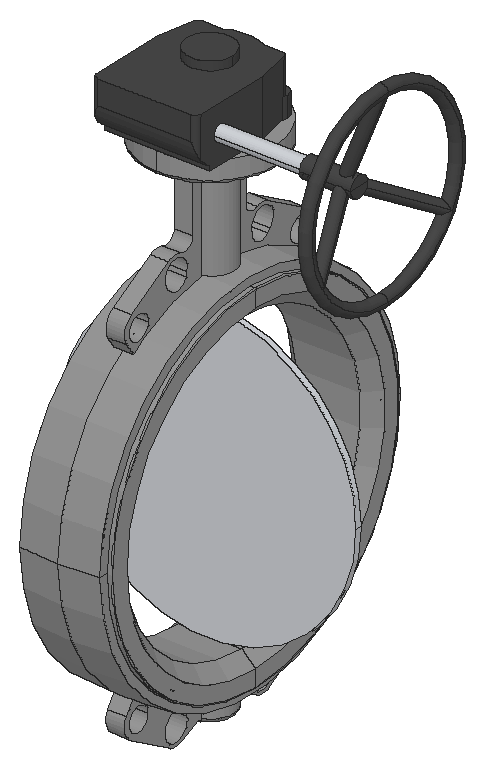
Revit family "HERZ Isolating Butterfly Valves ZF-4219 with gearbox", category Rohrzubehör, Revit 2019 (continued)
Automatic sketch dimensions
  Extrusion 8 sketch curve to Extrusion 8 sketch curve = 0.007 mm  (x2)
  Extrusion 8 sketch curve to Extrusion 8 sketch curve = 11.662 mm  (x2)
  Extrusion 8 sketch curve to Extrusion 8 sketch curve = 7.405 mm
  Extrusion 8 sketch curve to Extrusion 8 sketch curve = 9.76 mm  (x2)
  Extrusion 8 sketch curve to Extrusion 8 sketch curve = 46.144 mm
  Extrusion 8 sketch curve to Extrusion 8 sketch curve = 0.006 mm
  Extrusion 8 sketch curve to Extrusion 8 sketch curve = 0.159 mm  (x2)
  Extrusion 8 sketch curve to Extrusion 8 sketch curve = 0.225 mm  (x2)
  Extrusion 8 sketch curve to Extrusion 8 sketch curve = 3.156 mm
  Extrusion 7 sketch curve to Extrusion 7 sketch curve = 0 mm  (x29)
  Extrusion 7 sketch curve to level = 0 mm
  Extrusion 7 sketch curve to plane 1 "Mitte (Vorne/hinten)" = 0 mm
  Extrusion 7 sketch curve to Extrusion 7 sketch curve = 4.987 mm  (x2)
  plane 1 "Mitte (Vorne/hinten)" to Extrusion 7 sketch curve = 42.642 mm
  Extrusion 7 sketch curve to Extrusion 7 sketch curve = 3.28 mm  (x2)
  Extrusion 7 sketch curve to Extrusion 7 sketch curve = 14.935 mm  (x2)
  Extrusion 7 sketch curve to Extrusion 7 sketch curve = 11.589 mm  (x2)
  Extrusion 7 sketch curve to Extrusion 7 sketch curve = 14.868 mm  (x2)
  Extrusion 7 sketch curve to Extrusion 7 sketch curve = 33.628 mm  (x4)
  Extrusion 7 sketch curve to Extrusion 7 sketch curve = 3.946 mm  (x4)
  Extrusion 7 sketch curve to Extrusion 7 sketch curve = 12.021 mm  (x8)
  Extrusion 7 sketch curve to Extrusion 7 sketch curve = 8.075 mm  (x8)
  plane 1 "Mitte (Vorne/hinten)" to Extrusion 7 sketch curve = 21.03 mm
  Extrusion 7 sketch curve to Extrusion 7 sketch curve = 5.5 mm
  Extrusion 7 sketch curve to Extrusion 7 sketch curve = 0.54 mm  (x2)
  Extrusion 7 sketch curve to Extrusion 7 sketch curve = 0.103 mm
  Extrusion 7 sketch curve to Extrusion 7 sketch curve = 1.99 mm  (x2)
  plane 1 "Mitte (Vorne/hinten)" to Extrusion 7 sketch curve = 18.5 mm
  Extrusion 7 sketch curve to plane 1 "Mitte (Vorne/hinten)" = 18.5 mm  (x2)
  Extrusion 7 sketch curve to Extrusion 7 sketch curve = 1.897 mm
  Extrusion 7 sketch curve to Extrusion 7 sketch curve = 2 mm
  Extrusion 7 sketch curve to Extrusion 7 sketch curve = 21.612 mm
  Extrusion 7 sketch curve to level = 59.454 mm  (x2)
  Extrusion 7 sketch curve to Extrusion 7 sketch curve = 10.049 mm  (x4)
  Extrusion 7 sketch curve to Extrusion 7 sketch curve = 20.666 mm  (x2)
  Extrusion 7 sketch curve to Extrusion 7 sketch curve = 1.725 mm  (x2)
  Extrusion 7 sketch curve to Extrusion 7 sketch curve = 12.438 mm  (x4)
  level to Extrusion 7 sketch curve = 59.454 mm  (x2)
  Extrusion 7 sketch curve to Extrusion 7 sketch curve = 15.768 mm  (x2)
  Extrusion 7 sketch curve to Extrusion 7 sketch curve = 0.361 mm  (x2)
  Extrusion 7 sketch curve to Extrusion 7 sketch curve = 69.242 mm
  Extrusion 7 sketch curve to Extrusion 7 sketch curve = 0.014 mm
  Extrusion 7 sketch curve to Extrusion 7 sketch curve = 0.29 mm  (x2)
  Extrusion 6 sketch curve to Extrusion 6 sketch curve = 0 mm  (x31)
  Extrusion 6 sketch curve to level = 0 mm
  Extrusion 6 sketch curve to plane 1 "Mitte (Vorne/hinten)" = 0 mm
  plane 1 "Mitte (Vorne/hinten)" to Extrusion 6 sketch curve = 18.5 mm  (x2)
  Extrusion 6 sketch curve to Extrusion 6 sketch curve = 1.897 mm  (x2)
  Extrusion 6 sketch curve to Extrusion 6 sketch curve = 2 mm
  Extrusion 6 sketch curve to Extrusion 6 sketch curve = 4.154 mm  (x2)
  Extrusion 6 sketch curve to Extrusion 6 sketch curve = 5.603 mm
  Extrusion 6 sketch curve to Extrusion 6 sketch curve = 12 mm  (x2)
  Extrusion 6 sketch curve to Extrusion 6 sketch curve = 21.682 mm  (x2)
  Extrusion 6 sketch curve to Extrusion 6 sketch curve = 2.182 mm  (x2)
  Extrusion 6 sketch curve to Extrusion 6 sketch curve = 11.109 mm  (x4)
  Extrusion 6 sketch curve to Extrusion 6 sketch curve = 30.529 mm  (x4)
  Extrusion 6 sketch curve to Extrusion 6 sketch curve = 4.781 mm  (x4)
  Extrusion 6 sketch curve to Extrusion 6 sketch curve = 1.414 mm  (x8)
  Extrusion 6 sketch curve to Extrusion 6 sketch curve = 7.24 mm  (x8)
  Extrusion 6 sketch curve to Extrusion 6 sketch curve = 12.021 mm  (x8)
  Extrusion 6 sketch curve to plane 1 "Mitte (Vorne/hinten)" = 18.5 mm
  Extrusion 6 sketch curve to Extrusion 6 sketch curve = 7.5 mm
  Extrusion 6 sketch curve to Extrusion 6 sketch curve = 0.103 mm
  Extrusion 6 sketch curve to level = 50.036 mm  (x2)
  Extrusion 6 sketch curve to Extrusion 6 sketch curve = 17.112 mm  (x2)
  Extrusion 6 sketch curve to Extrusion 6 sketch curve = 9.185 mm  (x4)
  Extrusion 6 sketch curve to Extrusion 6 sketch curve = 20.608 mm  (x2)
  Extrusion 6 sketch curve to Extrusion 6 sketch curve = 12.868 mm  (x3)
  Extrusion 6 sketch curve to Extrusion 6 sketch curve = 9.096 mm  (x2)
  level to Extrusion 6 sketch curve = 50.036 mm  (x2)
  Extrusion 6 sketch curve to Extrusion 6 sketch curve = 17 mm
  Extrusion 6 sketch curve to Extrusion 6 sketch curve = 56.845 mm
  Extrusion 6 sketch curve to Extrusion 6 sketch curve = 0.017 mm
  Extrusion 6 sketch curve to Extrusion 6 sketch curve = 0.29 mm  (x2)
  Extrusion 5 sketch curve to Extrusion 5 sketch curve = 0 mm  (x25)
  Extrusion 5 sketch curve to level = 0 mm
  Extrusion 5 sketch curve to plane 1 "Mitte (Vorne/hinten)" = 0 mm
  plane 1 "Mitte (Vorne/hinten)" to Extrusion 5 sketch curve = 18.5 mm  (x2)
  Extrusion 5 sketch curve to Extrusion 5 sketch curve = 0.579 mm  (x2)
  Extrusion 5 sketch curve to Extrusion 5 sketch curve = 1.897 mm  (x2)
  Extrusion 5 sketch curve to Extrusion 5 sketch curve = 0.103 mm
  Extrusion 5 sketch curve to Extrusion 5 sketch curve = 5.603 mm
  Extrusion 5 sketch curve to Extrusion 5 sketch curve = 15.942 mm  (x4)
  Extrusion 5 sketch curve to Extrusion 5 sketch curve = 13 mm  (x2)
  Extrusion 5 sketch curve to Extrusion 5 sketch curve = 11.367 mm  (x4)
  Extrusion 5 sketch curve to Extrusion 5 sketch curve = 25.663 mm  (x4)
  Extrusion 5 sketch curve to Extrusion 5 sketch curve = 4.027 mm  (x4)
  Extrusion 5 sketch curve to Extrusion 5 sketch curve = 12.021 mm  (x5)
  Extrusion 5 sketch curve to Extrusion 5 sketch curve = 9.55 mm  (x4)
  Extrusion 5 sketch curve to Extrusion 5 sketch curve = 7.5 mm
  Extrusion 5 sketch curve to plane 1 "Mitte (Vorne/hinten)" = 18.5 mm  (x2)
  Extrusion 5 sketch curve to Extrusion 5 sketch curve = 2 mm
  Extrusion 5 sketch curve to level = 38.887 mm  (x2)
  Extrusion 5 sketch curve to Extrusion 5 sketch curve = 10.986 mm  (x3)
  Extrusion 5 sketch curve to Extrusion 5 sketch curve = 10.231 mm  (x3)
  Extrusion 5 sketch curve to Extrusion 5 sketch curve = 10.467 mm  (x4)
  Extrusion 5 sketch curve to Extrusion 5 sketch curve = 12.18 mm  (x2)
  Extrusion 5 sketch curve to Extrusion 5 sketch curve = 12.641 mm  (x4)
  Extrusion 5 sketch curve to Extrusion 5 sketch curve = 9.983 mm  (x2)
  level to Extrusion 5 sketch curve = 38.887 mm  (x2)
  Extrusion 5 sketch curve to Extrusion 5 sketch curve = 21.217 mm
  Extrusion 5 sketch curve to Extrusion 5 sketch curve = 16.969 mm  (x2)
  Extrusion 5 sketch curve to Extrusion 5 sketch curve = 51.117 mm
  Extrusion 5 sketch curve to Extrusion 5 sketch curve = 0.01 mm
  Extrusion 5 sketch curve to Extrusion 5 sketch curve = 0.29 mm  (x2)
  level to Extrusion 5 sketch curve = 49.873 mm
  Extrusion 4 sketch curve to Extrusion 4 sketch curve = 0 mm  (x28)
  Extrusion 4 sketch curve to level = 0 mm
  Extrusion 4 sketch curve to plane 1 "Mitte (Vorne/hinten)" = 0 mm
  plane 1 "Mitte (Vorne/hinten)" to Extrusion 4 sketch curve = 18.5 mm  (x2)
  Extrusion 4 sketch curve to Extrusion 4 sketch curve = 1.897 mm  (x2)
  Extrusion 4 sketch curve to Extrusion 4 sketch curve = 0.103 mm  (x2)
  Extrusion 4 sketch curve to Extrusion 4 sketch curve = 5.603 mm  (x2)
  Extrusion 4 sketch curve to Extrusion 4 sketch curve = 12.115 mm  (x4)
  Extrusion 4 sketch curve to Extrusion 4 sketch curve = 9 mm  (x2)
  Extrusion 4 sketch curve to Extrusion 4 sketch curve = 11.39 mm  (x2)
  Extrusion 4 sketch curve to Extrusion 4 sketch curve = 7.005 mm  (x2)
  Extrusion 4 sketch curve to Extrusion 4 sketch curve = 22.772 mm  (x4)
  Extrusion 4 sketch curve to Extrusion 4 sketch curve = 4.597 mm  (x4)
  Extrusion 4 sketch curve to Extrusion 4 sketch curve = 1.485 mm  (x4)
  Extrusion 4 sketch curve to Extrusion 4 sketch curve = 12.021 mm  (x4)
  Extrusion 4 sketch curve to Extrusion 4 sketch curve = 9.247 mm  (x4)
  Extrusion 4 sketch curve to plane 1 "Mitte (Vorne/hinten)" = 18.5 mm  (x2)
  Extrusion 4 sketch curve to level = 31.935 mm  (x2)
  Extrusion 4 sketch curve to Extrusion 4 sketch curve = 1.34 mm  (x4)
  Extrusion 4 sketch curve to Extrusion 4 sketch curve = 10.245 mm  (x4)
  Extrusion 4 sketch curve to Extrusion 4 sketch curve = 9.866 mm  (x4)
  Extrusion 4 sketch curve to Extrusion 4 sketch curve = 9.447 mm  (x4)
  Extrusion 4 sketch curve to Extrusion 4 sketch curve = 11.077 mm  (x4)
  Extrusion 4 sketch curve to Extrusion 4 sketch curve = 11.926 mm  (x2)
  level to Extrusion 4 sketch curve = 31.935 mm  (x2)
  Extrusion 4 sketch curve to Extrusion 4 sketch curve = 12.62 mm  (x2)
  Extrusion 4 sketch curve to Extrusion 4 sketch curve = 12.99 mm  (x2)
  Extrusion 4 sketch curve to Extrusion 4 sketch curve = 41.354 mm
  Extrusion 4 sketch curve to Extrusion 4 sketch curve = 0.018 mm
  Extrusion 4 sketch curve to Extrusion 4 sketch curve = 0.29 mm  (x2)
  Extrusion 3 sketch curve to Extrusion 3 sketch curve = 0 mm  (x23)
  Extrusion 3 sketch curve to level = 0 mm
  Extrusion 3 sketch curve to plane 1 "Mitte (Vorne/hinten)" = 0 mm
  plane 1 "Mitte (Vorne/hinten)" to Extrusion 3 sketch curve = 18 mm
  Extrusion 3 sketch curve to Extrusion 3 sketch curve = 1.897 mm  (x2)
  Extrusion 3 sketch curve to Extrusion 3 sketch curve = 0.103 mm  (x2)
  plane 1 "Mitte (Vorne/hinten)" to Extrusion 3 sketch curve = 22.391 mm
  Extrusion 3 sketch curve to Extrusion 3 sketch curve = 1.414 mm  (x14)
  Extrusion 3 sketch curve to Extrusion 3 sketch curve = 6.103 mm  (x2)
  Extrusion 3 sketch curve to Extrusion 3 sketch curve = 2 mm  (x2)
  Extrusion 3 sketch curve to Extrusion 3 sketch curve = 7.709 mm  (x4)
  Extrusion 3 sketch curve to Extrusion 3 sketch curve = 13.318 mm  (x5)
  Extrusion 3 sketch curve to Extrusion 3 sketch curve = 15.842 mm  (x5)
  Extrusion 3 sketch curve to Extrusion 3 sketch curve = 10.233 mm
  Extrusion 3 sketch curve to Extrusion 3 sketch curve = 3.184 mm  (x7)
  Extrusion 3 sketch curve to Extrusion 3 sketch curve = 6.315 mm  (x8)
  Extrusion 3 sketch curve to Extrusion 3 sketch curve = 3.021 mm  (x4)
  Extrusion 3 sketch curve to Extrusion 3 sketch curve = 5.303 mm  (x8)
  Extrusion 3 sketch curve to level = 23.805 mm  (x2)
  Extrusion 3 sketch curve to Extrusion 3 sketch curve = 3.106 mm  (x6)
  level to Extrusion 3 sketch curve = 23.805 mm  (x2)
  Extrusion 3 sketch curve to Extrusion 3 sketch curve = 6.654 mm  (x4)
  Extrusion 3 sketch curve to Extrusion 3 sketch curve = 9.77 mm  (x4)
  Extrusion 3 sketch curve to plane 1 "Mitte (Vorne/hinten)" = 18 mm
  Extrusion 3 sketch curve to plane 1 "Mitte (Vorne/hinten)" = 22.391 mm
  Extrusion 3 sketch curve to Extrusion 3 sketch curve = 5.708 mm  (x2)
  Extrusion 3 sketch curve to Extrusion 3 sketch curve = 3.131 mm
  level to Extrusion 3 sketch curve = 42.831 mm
  Extrusion 3 sketch curve to Extrusion 3 sketch curve = 4.045 mm
  Extrusion 3 sketch curve to Extrusion 3 sketch curve = 12.379 mm
  Extrusion 3 sketch curve to Extrusion 3 sketch curve = 68.43 mm
  Extrusion 3 sketch curve to Extrusion 3 sketch curve = 0.003 mm
  Extrusion 3 sketch curve to Extrusion 3 sketch curve = 0.316 mm  (x2)
  curve 12 to level = 0 mm
  curve 12 to plane 3 "Mitte (Links/rechts)" = 0 mm
  plane 1 "Mitte (Vorne/hinten)" to curve 6 = 0 mm
  curve 6 to plane 3 "Mitte (Links/rechts)" = 0 mm
  Revolve 1 sketch curve to plane 1 "Mitte (Vorne/hinten)" = 0 mm
  Revolve 1 sketch curve to Revolve 1 sketch curve = 0.987 mm
  Revolve 1 sketch curve to Revolve 1 sketch curve = 1.5 mm  (x4)
  Revolve 1 sketch curve to Revolve 1 sketch curve = 0.513 mm
  Revolve 1 sketch curve to Revolve 1 sketch curve = 0.915 mm  (x2)
  Revolve 1 sketch curve to Revolve 1 sketch curve = 1978.5 mm  (x2)
  Revolve 11 sketch curve to plane 1 "Mitte (Vorne/hinten)" = 0 mm  (x2)
  Revolve 11 sketch curve to Revolve 11 sketch curve = 3 mm
  Revolve 11 sketch curve to Revolve 11 sketch curve = 459.992 mm
  level to Revolve 11 sketch curve = 2741.474 mm
  Revolve 12 sketch curve to plane 1 "Mitte (Vorne/hinten)" = 0 mm  (x3)
  Revolve 12 sketch curve to Revolve 12 sketch curve = 1.895 mm
  Revolve 12 sketch curve to Revolve 12 sketch curve = 2 mm  (x2)
  Revolve 12 sketch curve to Revolve 12 sketch curve = 0.105 mm
  Revolve 12 sketch curve to level = 520.992 mm
  Revolve 12 sketch curve to Revolve 12 sketch curve = 2616.474 mm
  Revolve 13 sketch curve to level = 0 mm
  Revolve 13 sketch curve to Revolve 13 sketch curve = 1.492 mm
  Revolve 13 sketch curve to Revolve 13 sketch curve = 0.18 mm  (x2)
  Revolve 13 sketch curve to Revolve 13 sketch curve = 5.027 mm
  Revolve 13 sketch curve to Revolve 13 sketch curve = 1 mm
  Revolve 13 sketch curve to Revolve 13 sketch curve = 0.999 mm  (x2)
  Revolve 13 sketch curve to Revolve 13 sketch curve = 0.27 mm
  Revolve 13 sketch curve to Revolve 13 sketch curve = 0.957 mm
  Revolve 13 sketch curve to Revolve 13 sketch curve = 1328.99 mm
  Revolve 13 sketch curve to Revolve 13 sketch curve = 1875.983 mm
  Extrusion 14 sketch curve to level = 0 mm
  Extrusion 14 sketch curve to plane 3 "Mitte (Links/rechts)" = 0 mm
  radius of Extrusion 10 sketch curve = 12 mm  (x4)
  radius of Extrusion 9 sketch curve = 9.5 mm  (x4)
  radius of Extrusion 9 sketch curve = 14 mm  (x4)
  radius of Extrusion 7 sketch curve = 11.5 mm  (x4)
  radius of Extrusion 7 sketch curve = 9.5 mm  (x4)
  radius of Extrusion 6 sketch curve = 9.5 mm  (x8)
  radius of Extrusion 5 sketch curve = 9.5 mm  (x8)
  radius of Extrusion 4 sketch curve = 9.5 mm  (x8)
  radius of curve 12 = 7 mm
  radius of curve 6 = 5 mm
Nested families
  nested 1: "Herz-Logo-vorne" at (-23, 0, 197.5), type "Herz-Logo-vorne"
  nested 2: "Getriebe für Klappe DN50-DN200" at (0, 0, 125), visible <- "DN 50", type "Getriebe für Klappe DN50-DN200"
  nested 3: "Getriebe für Klappe DN50-DN200" at (0, 0, 149.5), visible <- "DN 65", type "Getriebe für Klappe DN50-DN200"
  nested 4: "Getriebe für Klappe DN50-DN200" at (0, 0, 156.5), visible <- "DN 80", type "Getriebe für Klappe DN50-DN200"
  nested 5: "Getriebe für Klappe DN50-DN200" at (0, 0, 182), visible <- "DN100", type "Getriebe für Klappe DN50-DN200"
  nested 6: "Getriebe für Klappe DN50-DN200" at (0, 0, 201), visible <- "DN125", type "Getriebe für Klappe DN50-DN200"
  nested 7: "Getriebe für Klappe DN50-DN200" at (0, 0, 214), visible <- "DN150", type "Getriebe für Klappe DN50-DN200"
  nested 8: "Getriebe für Klappe DN50-DN200" at (0, 0, 245), visible <- "DN200", type "Getriebe für Klappe DN50-DN200"
  nested 9: "Getriebe für Klappe DN250-DN300" at (0, 0, 283), visible <- "DN250", type "Getriebe für Klappe DN250-DN300"
  nested 10: "Getriebe für Klappe DN250-DN300" at (0, 0, 308), visible <- "DN300", type "Getriebe für Klappe DN250-DN300"
Connectors
  piping at (44.7, 0, 0), diameter 300, driven by "Nennweite"
    settings: on Revolve 13, index 1, connector inside diameter 609.6 mm, connector length 0 mm, flow factor 0, pipe flow 0.0 L/s, pressure drop 0.0 Pa, fitting loss kfactor 0, connector angle 0.00°, fixture units 0, engagement length 0 mm, angle of deflection 0.00°, flow configuration 0, flow direction 0, fitting loss method 0, system type 29, joint type 0, gender type 0, connector reference index -1, connector utility 0, adjustable connector no, is connector primary yes, connector description ""
  piping at (-44.7, 0, 0), diameter 300, driven by "Nennweite"
    settings: on Revolve 13, index 2, connector inside diameter 609.6 mm, connector length 0 mm, flow factor 0, pipe flow 0.0 L/s, pressure drop 0.0 Pa, fitting loss kfactor 0, connector angle 0.00°, fixture units 0, engagement length 0 mm, angle of deflection 0.00°, flow configuration 0, flow direction 0, fitting loss method 0, system type 29, joint type 0, gender type 0, connector reference index -1, connector utility 0, adjustable connector no, is connector primary no, connector description ""
Definition of nested family "Herz-Logo-vorne"
  Reference planes
    plane 1 "Mitte (Vorne/hinten)": y = 0
    plane 2: z = 0
    plane 3 "Mitte (Links/rechts)": x = 0
  Forms (mm)
    Extrusion 1, solid
      sketch origin (0.732, -0.018, 0.017) x (0, -1, 0) y (0, 0, 1)
        loop
          line (-0.018, -4.517) -> (4.482, -4.517) -> (4.482, 4.483) -> (-4.518, 4.483) -> (-4.518, -4.517) -> (-0.018, -4.517)
        loop
          line (-0.05, -3.48) -> (3.482, -3.48) -> (3.482, 3.483) -> (-3.518, 3.483) -> (-3.518, -3.48) -> (-0.05, -3.48)
        loop
          arc (-0.018, 2.383) -> (-1.543, 3.287) -> (-3.067, 2.383) r 1.738
          arc (-3.067, 2.383) -> (-3.191, 1.899) -> (-3.067, 1.415) r 1.009
          line (-3.067, 1.415) -> (-0.018, -3.281) -> (3.032, 1.415)
          arc (3.032, 1.415) -> (3.156, 1.899) -> (3.032, 2.383) r 1.009
          arc (3.032, 2.383) -> (1.507, 3.287) -> (-0.018, 2.383) r 1.738
        loop
          arc (1.885, 1.272) -> (2.005, 1.675) -> (1.885, 2.079) r 0.74
          arc (1.885, 2.079) -> (1.265, 2.416) -> (0.644, 2.079) r 0.74
          line (0.644, 2.079) -> (-0.018, 0.97) -> (-0.679, 2.079)
          arc (-0.679, 2.079) -> (-1.3, 2.416) -> (-1.921, 2.079) r 0.74
          arc (-1.921, 2.079) -> (-2.04, 1.675) -> (-1.921, 1.272) r 0.74
          line (-1.921, 1.272) -> (-0.018, -1.658) -> (1.885, 1.272)
      from 0 to 1.5
  Dimensions and locks
    aligned and locked: level to plane 2
Definition of nested family "Getriebe für Klappe DN50-DN200"
  Parameters (values of type "Getriebe für Klappe DN50-DN200")
    W01 = 11.19°  # constant formula
    URL = "www.herz-armaturen.at"
    R07 = 92 mm  # constant formula
    R06 = 6 mm  # constant formula
    R05 = 10 mm  # constant formula
    R04 = 7.5 mm  # constant formula
    R03 = 10.5 mm  # constant formula
    R02 = 5.4 mm  # constant formula
    R01 = 44.9 mm  # constant formula
    M01 = 37 mm  # constant formula
    L03 = 52 mm  # constant formula
    L02 = 39.6 mm  # constant formula
    L01 = 80 mm  # constant formula
    Manufacturer = "Herz-Armaturen GmbH"  # constant formula
    H03 = 28.6 mm  # constant formula
    H02 = 20 mm  # constant formula
    H01 = 54 mm  # constant formula
    B05 = 209 mm  # constant formula
    B04 = 22 mm  # constant formula
    B03 = 50 mm  # constant formula
    B02 = 159 mm  # constant formula
    B01 = 51 mm  # constant formula
    A01 = 28.6 mm  # constant formula
  Reference planes
    plane 1 "Mitte (Vorne/hinten)": y = 0
    plane 2: z = 0
    plane 3 "Mitte (Links/rechts)": x = 0
  Forms (mm)
    Extrusion 1, solid, detail levels fine
      sketch origin (0, 0, 0) x (1, 0, 0) y (0, 1, 0)
        loop
          line (51, 0) -> (43.999, 35.392)
          arc (43.999, 35.392) -> (42.103, 38.419) -> (38.732, 39.6) r 5.4
          line (38.732, 39.6) -> (20.252, 39.6)
          arc (20.252, 39.6) -> (0, 44.427) -> (-20.252, 39.6) r 44.9
          line (-20.252, 39.6) -> (-38.732, 39.6)
          arc (-38.732, 39.6) -> (-42.103, 38.419) -> (-43.999, 35.392) r 5.4
          line (-43.999, 35.392) -> (-51, 0) -> (-51, -74.6)
          arc (-51, -74.6) -> (-49.418, -78.418) -> (-45.6, -80) r 5.4
          line (-45.6, -80) -> (45.6, -80)
          arc (45.6, -80) -> (49.418, -78.418) -> (51, -74.6) r 5.4
          line (51, -74.6) -> (51, 0)
      from 0 to 54
    Extrusion 2, solid, detail levels fine
      sketch origin (0, 0, 0) x (1, 0, 0) y (0, 1, 0)
        loop
          circle (-35.7, 37) r 10.5
        loop
          circle (35.7, 37) r 10.5
      from 0 to 20
    Extrusion 3, void
      sketch origin (0, 0, 0) x (0, 1, 0) y (0, 0, 1)
        loop
          line (-80, 0) -> (-64.573, 0) -> (-64.573, 4.9)
          arc (-64.573, 4.9) -> (-75.841, 15.433) -> (-80, 30.286) r 28.6
          line (-80, 30.286) -> (-80, 0)
      from -51 to 51
    Revolve 4, solid, detail levels fine
      sketch origin (0, 0, 28.6) x (1, 0, 0) y (0, 1, 0)
        loop
          line (0, -52) -> (0, -59.5) -> (159, -59.5) -> (159, -52) -> (0, -52)
        axis (0, -52) -> (159, -52)
      angle from 0 to 360
    Extrusion 5, solid, detail levels fine
      sketch origin (0, 0, 0) x (1, 0, 0) y (0, 1, 0)
        loop
          circle (0, 0) r 22.3
      from 54 to 63
    Revolve 6, solid, detail levels fine
      sketch origin (0, -52, 28.6) x (1, 0, 0) y (0, 0, 1)
        loop
          circle (209, 92) r 6
        axis (203, 0) -> (215, 0)
      angle from 0 to 360
    Revolve 7, solid, detail levels fine
      sketch origin (0, -52, 0) x (1, 0, 0) y (0, 0, 1)
        loop
          line (209, 120.6) -> (172, 28.6) -> (177.567, 26.361) -> (214.567, 118.361) -> (209, 120.6)
        axis (172, 28.6) -> (209, 120.6)
      angle from 0 to 360
    Revolve 8, solid, detail levels fine
      sketch origin (0, 0, 28.6) x (1, 0, 0) y (0, 1, 0)
        loop
          line (137, -59.5) -> (137, -62) -> (187, -62) -> (187, -52) -> (159, -52) -> (159, -59.5) -> (137, -59.5)
        axis (137, -52) -> (187, -52)
      angle from 0 to 360
    Revolve 9, solid, detail levels fine
      sketch origin (0, -27.232, 42.9) x (1, 0, 0) y (0, -0.866025, -0.5)
        loop
          line (209, 120.6) -> (172, 28.6) -> (177.567, 26.361) -> (214.567, 118.361) -> (209, 120.6)
        axis (172, 28.6) -> (209, 120.6)
      angle from 0 to 360
    Revolve 10, solid, detail levels fine
      sketch origin (0, -76.768, 42.9) x (1, 0, 0) y (0, 0.866025, -0.5)
        loop
          line (209, 120.6) -> (172, 28.6) -> (177.567, 26.361) -> (214.567, 118.361) -> (209, 120.6)
        axis (172, 28.6) -> (209, 120.6)
      angle from 0 to 360
  Cuts and joins
    Extrusion 3 cuts Extrusion 1
  Dimensions and locks
    "B01": Extrusion 1 sketch curve to plane 3 "Mitte (Links/rechts)"
    "B01": plane 3 "Mitte (Links/rechts)" to Extrusion 1 sketch curve
    "L02": plane 1 "Mitte (Vorne/hinten)" to Extrusion 1 sketch curve  (x2)
    "L01": Extrusion 1 sketch curve to plane 1 "Mitte (Vorne/hinten)"
    "M01": plane 1 "Mitte (Vorne/hinten)" to Extrusion 2 sketch curve  (x2)
    "H01": Extrusion 1 to plane 2
    "H02": Extrusion 2 to plane 2
    "L03": Revolve 4 sketch curve to plane 1 "Mitte (Vorne/hinten)"
    "R04": Revolve 4 sketch curve to Revolve 4 sketch curve
    "B02": Revolve 4 sketch curve to Revolve 4 sketch curve
    "H03": Revolve 8 to plane 2
    "H03": Revolve 4 to plane 2
    "L03": Revolve 8 sketch curve to plane 1 "Mitte (Vorne/hinten)"
    "B02": plane 3 "Mitte (Links/rechts)" to Revolve 8 sketch curve
    "R05": Revolve 8 sketch curve to Revolve 8 sketch curve
    "B03": Revolve 8 sketch curve to Revolve 8 sketch curve
    "B04": Revolve 8 sketch curve to Revolve 8 sketch curve
    "R04": Revolve 8 sketch curve to Revolve 8 sketch curve
    "B05": Revolve 6 sketch curve to plane 3 "Mitte (Links/rechts)"
    "R07": Revolve 6 sketch curve to Revolve 6 sketch curve
    "A01": plane 2 to Revolve 6 sketch curve
    "R02": radius of Extrusion 1 sketch curve  (x4)
    "R01": radius of Extrusion 1 sketch curve
    "R03": radius of Extrusion 2 sketch curve  (x2)
    "R06": radius of Revolve 6 sketch curve
    "W01": angle Extrusion 1 sketch curve to Extrusion 1 sketch curve  (x2)
    aligned and locked: level to plane 2
  Automatic sketch dimensions
    Extrusion 3 sketch curve to level = 0 mm
    plane 1 "Mitte (Vorne/hinten)" to Extrusion 3 sketch curve = 80 mm
    Extrusion 3 sketch curve to Extrusion 3 sketch curve = 15.427 mm
    Extrusion 3 sketch curve to Extrusion 3 sketch curve = 13.173 mm
    level to Extrusion 3 sketch curve = 4.9 mm
    plane 1 "Mitte (Vorne/hinten)" to Extrusion 5 sketch curve = 0 mm
    Extrusion 5 sketch curve to plane 3 "Mitte (Links/rechts)" = 0 mm
    level to Revolve 7 sketch curve = 28.6 mm  (x2)
    plane 3 "Mitte (Links/rechts)" to Revolve 7 sketch curve = 172 mm
    level to Revolve 7 sketch curve = 26.361 mm
    Revolve 7 sketch curve to Revolve 7 sketch curve = 5.567 mm
    level to Revolve 7 sketch curve = 120.6 mm
    Revolve 7 sketch curve to Revolve 7 sketch curve = 0 mm  (x3)
    plane 3 "Mitte (Links/rechts)" to Revolve 10 sketch curve = 172 mm
    Revolve 10 sketch curve to Revolve 10 sketch curve = 5.567 mm
    Revolve 10 sketch curve to Revolve 10 sketch curve = 37 mm
    Revolve 10 sketch curve to Revolve 10 sketch curve = 2.239 mm
    Revolve 10 sketch curve to Revolve 10 sketch curve = 0 mm  (x4)
    plane 3 "Mitte (Links/rechts)" to Revolve 9 sketch curve = 172 mm
    Revolve 9 sketch curve to Revolve 9 sketch curve = 5.567 mm
    Revolve 9 sketch curve to Revolve 9 sketch curve = 37 mm
    Revolve 9 sketch curve to Revolve 9 sketch curve = 2.239 mm
    Revolve 9 sketch curve to Revolve 9 sketch curve = 0 mm  (x4)
    Extrusion 1 sketch curve to plane 3 "Mitte (Links/rechts)" = 0 mm
    plane 1 "Mitte (Vorne/hinten)" to Extrusion 1 sketch curve = 0 mm  (x2)
    Extrusion 1 sketch curve to plane 1 "Mitte (Vorne/hinten)" = 35.392 mm
    Extrusion 1 sketch curve to Extrusion 1 sketch curve = 18.48 mm  (x2)
    Extrusion 2 sketch curve to plane 3 "Mitte (Links/rechts)" = 35.7 mm
    plane 3 "Mitte (Links/rechts)" to Extrusion 2 sketch curve = 35.7 mm
    Revolve 4 sketch curve to plane 3 "Mitte (Links/rechts)" = 0 mm  (x2)
    Revolve 4 sketch curve to Revolve 4 sketch curve = 0 mm  (x2)
    Revolve 6 sketch curve to plane 3 "Mitte (Links/rechts)" = 1506.53 mm
    Revolve 6 sketch curve to Revolve 6 sketch curve = 1630.148 mm
    Revolve 8 sketch curve to Revolve 8 sketch curve = 7.5 mm
    Revolve 8 sketch curve to Revolve 8 sketch curve = 0 mm  (x2)
    radius of Extrusion 5 sketch curve = 22.3 mm
Definition of nested family "Getriebe für Klappe DN250-DN300"
  Parameters (values of type "Getriebe für Klappe DN250-DN300")
    W01 = 11.19°  # constant formula
    URL = "www.herz-armaturen.at"
    R07 = 92 mm  # constant formula
    R06 = 6 mm  # constant formula
    R05 = 10 mm  # constant formula
    R04 = 7.5 mm  # constant formula
    R03 = 10.5 mm  # constant formula
    R02 = 5.4 mm  # constant formula
    R01 = 44.9 mm  # constant formula
    M01 = 37 mm  # constant formula
    L03 = 52 mm  # constant formula
    L02 = 39.6 mm  # constant formula
    L01 = 80 mm  # constant formula
    Manufacturer = "Herz-Armaturen GmbH"  # constant formula
    H03 = 28.6 mm  # constant formula
    H02 = 20 mm  # constant formula
    H01 = 54 mm  # constant formula
    B05 = 209 mm  # constant formula
    B04 = 22 mm  # constant formula
    B03 = 50 mm  # constant formula
    B02 = 159 mm  # constant formula
    B01 = 51 mm  # constant formula
    A01 = 28.6 mm  # constant formula
  Reference planes
    plane 1 "Mitte (Vorne/hinten)": y = 0
    plane 2: z = 0
    plane 3 "Mitte (Links/rechts)": x = 0
  Forms (mm)
    Extrusion 1, solid, detail levels fine
      sketch origin (0, 0, 0) x (1, 0, 0) y (0, 1, 0)
        loop
          line (51, 0) -> (43.999, 35.392)
          arc (43.999, 35.392) -> (42.103, 38.419) -> (38.732, 39.6) r 5.4
          line (38.732, 39.6) -> (20.252, 39.6)
          arc (20.252, 39.6) -> (0, 44.427) -> (-20.252, 39.6) r 44.9
          line (-20.252, 39.6) -> (-38.732, 39.6)
          arc (-38.732, 39.6) -> (-42.103, 38.419) -> (-43.999, 35.392) r 5.4
          line (-43.999, 35.392) -> (-51, 0) -> (-51, -74.6)
          arc (-51, -74.6) -> (-49.418, -78.418) -> (-45.6, -80) r 5.4
          line (-45.6, -80) -> (45.6, -80)
          arc (45.6, -80) -> (49.418, -78.418) -> (51, -74.6) r 5.4
          line (51, -74.6) -> (51, 0)
      from 0 to 54
    Extrusion 2, solid, detail levels fine
      sketch origin (0, 0, 0) x (1, 0, 0) y (0, 1, 0)
        loop
          circle (-35.7, 37) r 10.5
        loop
          circle (35.7, 37) r 10.5
      from 0 to 20
    Extrusion 3, void
      sketch origin (0, 0, 0) x (0, 1, 0) y (0, 0, 1)
        loop
          line (-80, 0) -> (-64.573, 0) -> (-64.573, 4.9)
          arc (-64.573, 4.9) -> (-75.841, 15.433) -> (-80, 30.286) r 28.6
          line (-80, 30.286) -> (-80, 0)
      from -51 to 51
    Revolve 4, solid, detail levels fine
      sketch origin (0, 0, 28.6) x (1, 0, 0) y (0, 1, 0)
        loop
          line (0, -52) -> (0, -59.5) -> (159, -59.5) -> (159, -52) -> (0, -52)
        axis (0, -52) -> (159, -52)
      angle from 0 to 360
    Extrusion 5, solid, detail levels fine
      sketch origin (0, 0, 0) x (1, 0, 0) y (0, 1, 0)
        loop
          circle (0, 0) r 22.3
      from 54 to 62.5
    Revolve 6, solid, detail levels fine
      sketch origin (0, -52, 28.6) x (1, 0, 0) y (0, 0, 1)
        loop
          circle (209, 92) r 6
        axis (203, 0) -> (215, 0)
      angle from 0 to 360
    Revolve 7, solid, detail levels fine
      sketch origin (0, -52, 0) x (1, 0, 0) y (0, 0, 1)
        loop
          line (209, 120.6) -> (172, 28.6) -> (177.567, 26.361) -> (214.567, 118.361) -> (209, 120.6)
        axis (172, 28.6) -> (209, 120.6)
      angle from 0 to 360
    Revolve 8, solid, detail levels fine
      sketch origin (0, 0, 28.6) x (1, 0, 0) y (0, 1, 0)
        loop
          line (137, -59.5) -> (137, -62) -> (187, -62) -> (187, -52) -> (159, -52) -> (159, -59.5) -> (137, -59.5)
        axis (137, -52) -> (187, -52)
      angle from 0 to 360
    Revolve 9, solid, detail levels fine
      sketch origin (0, -27.232, 42.9) x (1, 0, 0) y (0, -0.866025, -0.5)
        loop
          line (209, 120.6) -> (172, 28.6) -> (177.567, 26.361) -> (214.567, 118.361) -> (209, 120.6)
        axis (172, 28.6) -> (209, 120.6)
      angle from 0 to 360
    Revolve 10, solid, detail levels fine
      sketch origin (0, -76.768, 42.9) x (1, 0, 0) y (0, 0.866025, -0.5)
        loop
          line (209, 120.6) -> (172, 28.6) -> (177.567, 26.361) -> (214.567, 118.361) -> (209, 120.6)
        axis (172, 28.6) -> (209, 120.6)
      angle from 0 to 360
  Cuts and joins
    Extrusion 3 cuts Extrusion 1
  Dimensions and locks
    "B01": Extrusion 1 sketch curve to plane 3 "Mitte (Links/rechts)"
    "B01": plane 3 "Mitte (Links/rechts)" to Extrusion 1 sketch curve
    "L02": plane 1 "Mitte (Vorne/hinten)" to Extrusion 1 sketch curve  (x2)
    "L01": Extrusion 1 sketch curve to plane 1 "Mitte (Vorne/hinten)"
    "M01": plane 1 "Mitte (Vorne/hinten)" to Extrusion 2 sketch curve  (x2)
    "H01": Extrusion 1 to plane 2
    "H02": Extrusion 2 to plane 2
    "L03": Revolve 4 sketch curve to plane 1 "Mitte (Vorne/hinten)"
    "R04": Revolve 4 sketch curve to Revolve 4 sketch curve
    "B02": Revolve 4 sketch curve to Revolve 4 sketch curve
    "H03": Revolve 8 to plane 2
    "H03": Revolve 4 to plane 2
    "L03": Revolve 8 sketch curve to plane 1 "Mitte (Vorne/hinten)"
    "B02": plane 3 "Mitte (Links/rechts)" to Revolve 8 sketch curve
    "R05": Revolve 8 sketch curve to Revolve 8 sketch curve
    "B03": Revolve 8 sketch curve to Revolve 8 sketch curve
    "B04": Revolve 8 sketch curve to Revolve 8 sketch curve
    "R04": Revolve 8 sketch curve to Revolve 8 sketch curve
    "B05": Revolve 6 sketch curve to plane 3 "Mitte (Links/rechts)"
    "R07": Revolve 6 sketch curve to Revolve 6 sketch curve
    "A01": plane 2 to Revolve 6 sketch curve
    "R02": radius of Extrusion 1 sketch curve  (x4)
    "R01": radius of Extrusion 1 sketch curve
    "R03": radius of Extrusion 2 sketch curve  (x2)
    "R06": radius of Revolve 6 sketch curve
    "W01": angle Extrusion 1 sketch curve to Extrusion 1 sketch curve  (x2)
    aligned and locked: level to plane 2
  Automatic sketch dimensions
    Extrusion 3 sketch curve to level = 0 mm
    plane 1 "Mitte (Vorne/hinten)" to Extrusion 3 sketch curve = 80 mm
    Extrusion 3 sketch curve to Extrusion 3 sketch curve = 15.427 mm
    Extrusion 3 sketch curve to Extrusion 3 sketch curve = 13.173 mm
    level to Extrusion 3 sketch curve = 4.9 mm
    plane 1 "Mitte (Vorne/hinten)" to Extrusion 5 sketch curve = 0 mm
    Extrusion 5 sketch curve to plane 3 "Mitte (Links/rechts)" = 0 mm
    level to Revolve 7 sketch curve = 28.6 mm  (x2)
    plane 3 "Mitte (Links/rechts)" to Revolve 7 sketch curve = 172 mm
    level to Revolve 7 sketch curve = 26.361 mm
    Revolve 7 sketch curve to Revolve 7 sketch curve = 5.567 mm
    level to Revolve 7 sketch curve = 120.6 mm
    Revolve 7 sketch curve to Revolve 7 sketch curve = 0 mm  (x3)
    plane 3 "Mitte (Links/rechts)" to Revolve 10 sketch curve = 172 mm
    Revolve 10 sketch curve to Revolve 10 sketch curve = 5.567 mm
    Revolve 10 sketch curve to Revolve 10 sketch curve = 37 mm
    Revolve 10 sketch curve to Revolve 10 sketch curve = 2.239 mm
    Revolve 10 sketch curve to Revolve 10 sketch curve = 0 mm  (x4)
    plane 3 "Mitte (Links/rechts)" to Revolve 9 sketch curve = 172 mm
    Revolve 9 sketch curve to Revolve 9 sketch curve = 5.567 mm
    Revolve 9 sketch curve to Revolve 9 sketch curve = 37 mm
    Revolve 9 sketch curve to Revolve 9 sketch curve = 2.239 mm
    Revolve 9 sketch curve to Revolve 9 sketch curve = 0 mm  (x4)
    Extrusion 1 sketch curve to plane 3 "Mitte (Links/rechts)" = 0 mm
    plane 1 "Mitte (Vorne/hinten)" to Extrusion 1 sketch curve = 0 mm  (x2)
    Extrusion 1 sketch curve to plane 1 "Mitte (Vorne/hinten)" = 35.392 mm
    Extrusion 1 sketch curve to Extrusion 1 sketch curve = 18.48 mm  (x2)
    Extrusion 2 sketch curve to plane 3 "Mitte (Links/rechts)" = 35.7 mm
    plane 3 "Mitte (Links/rechts)" to Extrusion 2 sketch curve = 35.7 mm
    Revolve 4 sketch curve to plane 3 "Mitte (Links/rechts)" = 0 mm  (x2)
    Revolve 4 sketch curve to Revolve 4 sketch curve = 0 mm  (x2)
    Revolve 6 sketch curve to plane 3 "Mitte (Links/rechts)" = 1506.53 mm
    Revolve 6 sketch curve to Revolve 6 sketch curve = 1630.148 mm
    Revolve 8 sketch curve to Revolve 8 sketch curve = 7.5 mm
    Revolve 8 sketch curve to Revolve 8 sketch curve = 0 mm  (x2)
    radius of Extrusion 5 sketch curve = 22.3 mm
